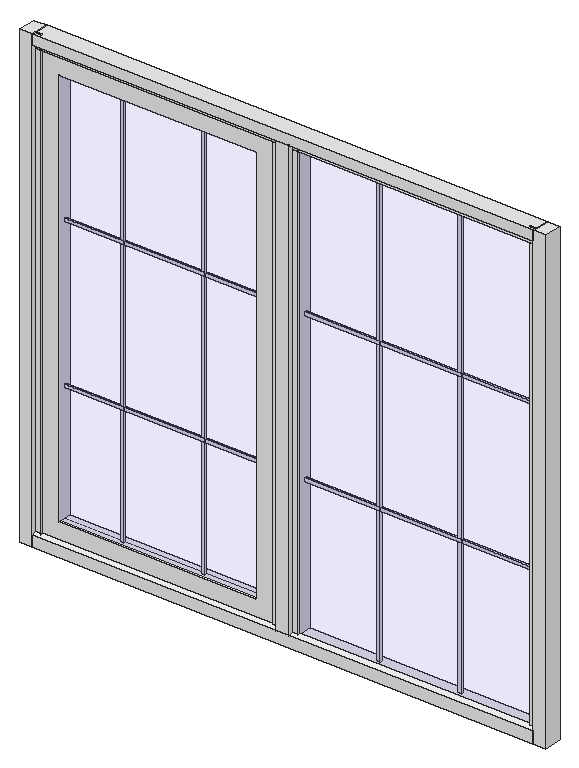
Revit family "Door_Curtain_Wall-Inswing_With_Sidelite-Traco-NX-8920-One_Panel", category Curtain Panels, Revit 2015
Parameters (values of type "NX-8920 - One_Panel-Sidelite")
  Water Resistance = 12.0000 psf
  Uniform Load Structural = 75.0000 psf
  Uniform Load Deflection = 50.0000 psf
  Sidelite Width [instance] = 1' - 8 7/8"
  Product data url = "https://bimobject.com/kawneerna/product/89202"
  Product Page URL = "http://www.alcoa.com/traco/en/product.asp?cat_id=1912&prod_id=4260"
  Product Documentation Link = "http://www.alcoa.com/traco/en/cad_spec.asp?cat_id=1912&prod_id=4260&area=prod"
  Panel Width [instance] = (Door Width / 2) - 0' 3 1/2"  # 3' - 8 1/2"
  Panel Material [instance] = Aluminum - Traco - Anodized - Gray
  Panel Height [instance] = Door Height - 0' 2 1/2"  # 6' - 9 1/2"
  Muntin Type = Muntin-Grid-Traco-Lites : Interior
  Has Muntins [instance] = yes
  Glass Material [instance] = Glass - Traco - Clear
  Frame Material [instance] = Aluminum - Traco - Anodized - Gray
  Door Width [instance] = if(CTRL Opening Width < Door Width Minimum, Door Width Minimum, if(CTRL Opening Width > Door Width Maximum, Door Width Maximum, CTRL Opening Width))  # 8' - 0"
  Door Height [instance] = if(CTRL Opening Height < Door Height Minimum, Door Height Minimum, if(CTRL Opening Height > Door Height Maximum, Door Height Maximum, CTRL Opening Height))  # 7' - 0"
  Door Base = 0' - 1 1/8"
  Copyright © = "2011 Traco"  # constant formula
  CTRL Symbolic Arrow Placement Height [instance] = (Panel Height / 2) + 0' 1 1/2"  # 3' - 6 1/4"
  CTRL Symbolic Arrow Inset [instance] = (Panel Width / 2) - 0' 5 3/8"  # 1' - 4 7/8"
  CTRL Opening Width [instance] = 8' - 0"
  URL = "http://www.alcoa.com/traco/en/home.asp"
  U Factor = "0.40"
  Type Comments = "1 Panel With Sidelite"
  Test Size = "48\" X 96\""
  Model = "NX-8920"
  Manufacturer = "Traco"  # constant formula
  CTRL Opening Height [instance] = 7' - 0"
  Forced Entry Resistance = ""
  Door Width Minimum [instance] = 4' - 0"
  Door Width Maximum [instance] = 8' - 0"
  Door Swing Angle [instance] = 90.00°
  Door Height Minimum [instance] = 6' - 0"
  Door Height Maximum [instance] = 10' - 0"
  Designation = "AAMA/WDMA/CSA 101/I.S.2/A-440-05: HS-C50 And AAMA/WDMA/CSA 101/I.S.2/A-440-08:AW-PG50-ATD"
  Description = "One Door"
  Condensation Resistance = "48"
  Assembly Code = "B2020220"
  Allowable Air Infiltration Maximum = "0.1 @ 6.2 PSF"
Reference planes (in)
  plane 1 "Front": y = 0
  plane 2 "Bottom": z = 0
  plane 3 "Center (Left/Right)": x = 0
  plane 4 "Left": x = -48
  plane 5 "Right": x = 48
  plane 6 "Top": z = 84
  plane 7 "Door Base": z = 1.125
  plane 8 "Left Muntin Center F_B": y = 2
  plane 9 "Right Muntin Center F_B": y = 2
  plane 10 "Back": y = 3.25
  plane 11 "Center F_B": y = 1.625
  plane 12: y = 0.75
  plane 13 "Left Jamb": x = -45.75
  plane 14 "Right Jamb": x = 45.75
  plane 15 "Muntin Center F_B": y = 2
  plane 16 "Middle Rail Left": x = -1.1875
  plane 17 "Middle Rail Right": x = 1.1875
Text (in)
  text "Exterior" at (-74.50468, -27.54801, 0), in view "Ref. Level"
  text "Exterior" at (480, 41.53993, 89.60405), in view "Right"
  text "Exterior" at (-240, 57.82419, 105.78864), in view "Left"
Dimensions and locks (in)
  equal spacing: plane 4 "Left", plane 3 "Center (Left/Right)", plane 5 "Right"
  "Door Base": plane 2 "Bottom" to plane 7 "Door Base"
  "CTRL Opening Height": plane 6 "Top" to plane 2 "Bottom"
  "CTRL Opening Width": plane 4 "Left" to plane 5 "Right"
  equal spacing: plane 1 "Front", plane 11 "Center F_B", plane 10 "Back"
  locked: plane 12 to plane 1 "Front" at 0.75
  locked: plane 1 "Front" to plane 10 "Back" at 3.25
  locked: plane 4 "Left" to plane 13 "Left Jamb" at 2.25
  locked: plane 14 "Right Jamb" to plane 5 "Right" at 2.25
  equal spacing: plane 10 "Back", plane 15 "Muntin Center F_B", plane 12
  locked: plane 15 "Muntin Center F_B" to plane 9 "Right Muntin Center F_B" at 0
  locked: plane 15 "Muntin Center F_B" to plane 8 "Left Muntin Center F_B" at 0
  locked: plane 16 "Middle Rail Left" to plane 3 "Center (Left/Right)" at 1.1875
  locked: plane 3 "Center (Left/Right)" to plane 17 "Middle Rail Right" at 1.1875
  aligned and locked: level to plane 2 "Bottom"
  aligned: nested 1 to nested 2
  aligned and locked: nested 1 to plane 7 "Door Base"  (x2)
  aligned: nested 4 to plane 7 "Door Base"
  aligned and locked: plane 7 "Door Base" to nested 1
  aligned: nested 7 to plane 7 "Door Base"
  aligned: nested 5 to plane 7 "Door Base"
  aligned and locked: plane 12 to nested 1
  aligned and locked: nested 3 to plane 12
  aligned: nested 3 to plane 14 "Right Jamb"
  aligned: plane 7 "Door Base" to nested 9
  aligned and locked: nested 1 to plane 16 "Middle Rail Left"
  aligned and locked: plane 7 "Door Base" to nested 3
  aligned and locked: nested 3 to plane 17 "Middle Rail Right"
  aligned and locked: plane 2 "Bottom" to nested 9
  aligned and locked: nested 9 to plane 17 "Middle Rail Right"
  aligned and locked: nested 4 to plane 2 "Bottom"
  aligned and locked: nested 4 to plane 16 "Middle Rail Left"
  aligned and locked: plane 3 "Center (Left/Right)" to nested 2
Nested families (in)
  nested 1: "Door-Glass_Panel-Traco-(TR-8920)" at (-9.6875, 3.25, 1.125) x (-1, 0, 0) z (0, 0, 1), Width <- "Panel Width", Height <- "Panel Height", Panel Material <- "Panel Material", Glass Material <- "Glass Material", Angle <- "Door Swing Angle", type "S", detail levels fine
    with built-in parameter 1001301 3' - 8 1/2", built-in parameter 1001302 0' - 2 1/2", Panel Offset 0' - 4 1/4", Panel Material Aluminum - Traco - Anodized - Gray, Panel Finish none, built-in parameter 1001300 6' - 9 1/2", Glazing "Low E-Argon", Glass Material Glass - Traco - Clear, Elevation Swing yes, Angle 90.00°
  nested 2: "Door_Frame-Inswing-Traco-(NX-8920)-Single_Panel_With_Sidelite" at (-24, 1.625, 0), type "Standard Sill"
  nested 3: "Door-Glass_Panel-Traco-(TR-8920)-Sidelite" at (23.4375, 3.25, 1.125), Width <- "Panel Width", Height <- "Panel Height", Panel Material <- "Panel Material", Glass Material <- "Glass Material", type "T", detail levels fine
    with built-in parameter 1001301 3' - 8 1/2", built-in parameter 1001302 0' - 2 1/2", Panel Offset 0' - 4 1/4", Panel Material Aluminum - Traco - Anodized - Gray, Panel Finish none, built-in parameter 1001300 6' - 9 1/2", Glazing "Low E-Argon", Glass Material Glass - Traco - Clear
  nested 4: "Muntin-Grid-Traco-Lites" at (-23.4375, 2, 40.75) x (1, 0, 0) z (0, -1, 0), Sash Height <- "Panel Height", Length <- "Panel Width", type <- "Muntin Type", type "Interior"
    with Sash Height 6' - 9 1/2", Material Aluminum - Traco - Anodized - Gray, Length 3' - 8 1/2", Glazing Thickness 0' - 0 7/8", CTRL Muntin Vertical Distance 2' - 3.16667", CTRL Muntin Horizontal Distance 1' - 2.83333", CTRL Face Offset 0' - 0 1/4", CTRL Bar Vertical Visibility no, CTRL Bar Horizontal Visibility no, CTRL Array Vertical Visibility yes, CTRL Array Horizontal Visibility yes, Has Interior Muntins yes, Has Exterior Muntins no
  nested 5: "Muntin-Trapezoid-Traco-Single" at (-16.02083, 2.1875, 40.75) x (0, 0, -1) z (0, -1, 0), type "Standard Colonial"
    with Material Aluminum - Traco - Anodized - Gray, Length 6' - 9 1/2", Width Top 0' - 0 9/16", Width Base 0' - 0 9/16", Height 0' - 0 5/16"
  nested 6: "Muntin-Trapezoid-Traco-Single" at (-23.4375, 2.1875, 54.33333) x (-1, 0, 0) z (0, -1, 0), type "Standard Colonial"
    with Material Aluminum - Traco - Anodized - Gray, Length 3' - 8 1/2", Width Top 0' - 0 9/16", Width Base 0' - 0 9/16", Height 0' - 0 5/16"
  nested 7: "Muntin-Trapezoid-Traco-Single" at (-30.85417, 2.1875, 40.75) x (0, 0, -1) z (0, -1, 0), type "Standard Colonial"
    with Material Aluminum - Traco - Anodized - Gray, Length 6' - 9 1/2", Width Top 0' - 0 9/16", Width Base 0' - 0 9/16", Height 0' - 0 5/16"
  nested 8: "Muntin-Trapezoid-Traco-Single" at (-23.4375, 2.1875, 27.16667) x (-1, 0, 0) z (0, -1, 0), type "Standard Colonial"
    with Material Aluminum - Traco - Anodized - Gray, Length 3' - 8 1/2", Width Top 0' - 0 9/16", Width Base 0' - 0 9/16", Height 0' - 0 5/16"
  nested 9: "Muntin-Grid-Traco-Lites" at (23.4375, 2, 40.75) x (-1, 0, 0) z (0, -1, 0), Sash Height <- "Panel Height", Length <- "Panel Width", type <- "Muntin Type", type "Interior"
    with Sash Height 6' - 9 1/2", Material Aluminum - Traco - Anodized - Gray, Length 3' - 8 1/2", Glazing Thickness 0' - 0 7/8", CTRL Muntin Vertical Distance 2' - 3.16667", CTRL Muntin Horizontal Distance 1' - 2.83333", CTRL Face Offset 0' - 0 1/4", CTRL Bar Vertical Visibility no, CTRL Bar Horizontal Visibility no, CTRL Array Vertical Visibility yes, CTRL Array Horizontal Visibility yes, Has Interior Muntins yes, Has Exterior Muntins no
  nested 10: "Muntin-Trapezoid-Traco-Single" at (16.02083, 2.1875, 40.75) x (0, 0, -1) z (0, -1, 0), type "Standard Colonial"
    with Material Aluminum - Traco - Anodized - Gray, Length 6' - 9 1/2", Width Top 0' - 0 9/16", Width Base 0' - 0 9/16", Height 0' - 0 5/16"
  nested 11: "Muntin-Trapezoid-Traco-Single" at (23.4375, 2.1875, 54.33333) x (1, 0, 0) z (0, -1, 0), type "Standard Colonial"
    with Material Aluminum - Traco - Anodized - Gray, Length 3' - 8 1/2", Width Top 0' - 0 9/16", Width Base 0' - 0 9/16", Height 0' - 0 5/16"
  nested 12: "Muntin-Trapezoid-Traco-Single" at (30.85417, 2.1875, 40.75) x (0, 0, -1) z (0, -1, 0), type "Standard Colonial"
    with Material Aluminum - Traco - Anodized - Gray, Length 6' - 9 1/2", Width Top 0' - 0 9/16", Width Base 0' - 0 9/16", Height 0' - 0 5/16"
  nested 13: "Muntin-Trapezoid-Traco-Single" at (23.4375, 2.1875, 27.16667) x (1, 0, 0) z (0, -1, 0), type "Standard Colonial"
    with Material Aluminum - Traco - Anodized - Gray, Length 3' - 8 1/2", Width Top 0' - 0 9/16", Width Base 0' - 0 9/16", Height 0' - 0 5/16"
Definition of nested family "Door-Glass_Panel-Traco-(TR-8920)"
  Parameters
    Width [instance] = 3' - 0"
    Visible Light Transmission = 0
    URL = "www.integratedcontentsolutions.com"
    U Value = 0
    Type Comments = "Panel theory and model developed by Integrated Content Solutions"  # constant formula
    Thickness [instance] = 0' - 2 3/4"
    Style Right = 0' - 4 1/8"
    Style Left = 0' - 4 1/8"
    Solar Heat Gain Coefficient = 0
    Rail Head = 0' - 4 1/8"
    Rail Bottom = 0' - 4 1/8"
    R Value = 0
    Product Documentation Link = "www.integratedcontentsolutions.com"
    Panel Offset [instance] = 0' - 4 1/4"
    Panel Material [instance] = none
    Panel Finish [instance] = none
    Manufacturer = "Integrated Content Solutions"  # constant formula
    LEED Credit = ""
    Hidden Swing Angle = 90.00°
    Height [instance] = 7' - 0"
    Glazing [instance] = "Low E-Argon"
    Glass Material [instance] = none
    Function = 1
    Energy Star Zone = ""
    Elevation Swing [instance] = yes
    Copyright © = "Integrated Content Solutions © 2009"  # constant formula
    Assembly Code = "C1020110"
    Appear In Schedule = 0 = 1  # no
    Angle [instance] = 90.00°
    Air Leakage = 0
  Reference planes (in)
    plane 1 "Exterior": y = 0
    plane 2 "Bottom": z = 0
    plane 3 "Strike": x = 0
    plane 4 "Interior": y = -2.75
    plane 5 "Hinge": x = 36
    plane 6 "Top": z = 84
    plane 7 "Panel Center of Thickness": y = -1.375
    plane 8 "Glass Interior": y = -2.125
    plane 9 "Glass Exterior": y = -1.125
    plane 10 "Left Inset": x = 4.125
    plane 11 "Right Inset": x = 31.875
    plane 12 "Top Inset": z = 79.875
    plane 13 "Bottom Inset": z = 4.125
    plane 14 "Center L_R": x = 18
  Forms (in)
    Extrusion 1, solid, material <- "Panel Material"
      sketch origin (0, 0, 0) x (1, 0, 0) y (0, 0, 1)
        loop
          line (0, 84) -> (0, 0) -> (36, 0) -> (36, 84) -> (0, 84)
        loop
          line (4.125, 79.875) -> (4.125, 4.125) -> (31.875, 4.125) -> (31.875, 79.875) -> (4.125, 79.875)
      from 0 to 2.75
    Extrusion 2, solid, material <- "Glass Material"
      sketch origin (0, -2.75, 0) x (1, 0, 0) y (0, 0, 1)
        loop
          line (4.125, 79.875) -> (4.125, 4.125) -> (31.875, 4.125) -> (31.875, 79.875) -> (4.125, 79.875)
      from -1.625 to -0.625
  Lines and regions (in)
    Masking region 1
      outline origin (0, 0, 84) x (-1, 0, 0) y (0, -1, 0)
        loop
          line (0, 2.75) -> (-36, 2.75) -> (-36, 0) -> (0, 0) -> (0, 2.75)
    Masking region 2
      outline origin (0, -1.375, 0) x (-1, 0, 0) y (0, 0, 1)
        loop
          line (0, 0) -> (0, 84) -> (-36, 84) -> (-36, 0) -> (0, 0)
        loop
          line (-4.125, 4.125) -> (-4.125, 79.875) -> (-31.875, 79.875) -> (-31.875, 4.125) -> (-4.125, 4.125)
    Masking region 3
      outline origin (18, 0, 0) x (0, 1, 0) y (0, 0, 1)
        loop
          line (-2.75, 0) -> (0, 0) -> (0, 84) -> (-2.75, 84) -> (-2.75, 0)
  Dimensions and locks (in)
    "Width": plane 3 "Strike" to plane 5 "Hinge"
    "Thickness": plane 4 "Interior" to plane 1 "Exterior"
    "Height": plane 6 "Top" to plane 2 "Bottom"
    equal spacing: plane 4 "Interior", plane 7 "Panel Center of Thickness", plane 1 "Exterior"
    locked: plane 9 "Glass Exterior" to plane 8 "Glass Interior" at 1
    "Style Left": plane 10 "Left Inset" to plane 3 "Strike"
    "Style Right": plane 5 "Hinge" to plane 11 "Right Inset"
    "Rail Bottom": plane 13 "Bottom Inset" to plane 2 "Bottom"
    "Rail Head": plane 6 "Top" to plane 12 "Top Inset"
    locked: plane 9 "Glass Exterior" to plane 1 "Exterior" at 1.125
    equal spacing: plane 3 "Strike", plane 14 "Center L_R", plane 5 "Hinge"
    aligned and locked: plane 3 "Strike" to Extrusion 1 sketch curve
    aligned and locked: Extrusion 1 sketch curve to plane 6 "Top"
    aligned and locked: level to Extrusion 1 sketch curve
    aligned and locked: Extrusion 1 sketch curve to plane 5 "Hinge"
    aligned and locked: Extrusion 1 to plane 1 "Exterior"
    aligned and locked: plane 4 "Interior" to Extrusion 1
    aligned and locked: plane 1 "Exterior" to nested 1
    aligned and locked: plane 5 "Hinge" to nested 1
    aligned and locked: level to plane 2 "Bottom"
    aligned and locked: plane 10 "Left Inset" to Extrusion 1 sketch curve
    aligned and locked: Extrusion 1 sketch curve to plane 12 "Top Inset"
    aligned and locked: plane 13 "Bottom Inset" to Extrusion 1 sketch curve
    aligned and locked: Extrusion 1 sketch curve to plane 11 "Right Inset"
    aligned and locked: plane 10 "Left Inset" to Extrusion 2 sketch curve
    aligned and locked: Extrusion 2 sketch curve to plane 12 "Top Inset"
    aligned and locked: plane 13 "Bottom Inset" to Extrusion 2 sketch curve
    aligned and locked: Extrusion 2 sketch curve to plane 11 "Right Inset"
    aligned and locked: plane 9 "Glass Exterior" to Extrusion 2
    aligned and locked: Extrusion 2 to plane 8 "Glass Interior"
    aligned and locked: Masking region 1 sketch curve to plane 1 "Exterior"
    aligned and locked: plane 5 "Hinge" to Masking region 1 sketch curve
    aligned and locked: plane 4 "Interior" to Masking region 1 sketch curve
    aligned and locked: Masking region 1 sketch curve to plane 3 "Strike"
    aligned and locked: plane 6 "Top" to Masking region 2 sketch curve
    aligned and locked: Masking region 2 sketch curve to plane 3 "Strike"
    aligned and locked: plane 5 "Hinge" to Masking region 2 sketch curve
    aligned and locked: Masking region 2 sketch curve to plane 2 "Bottom"
    aligned and locked: plane 12 "Top Inset" to Masking region 2 sketch curve
    aligned and locked: Masking region 2 sketch curve to plane 10 "Left Inset"
    aligned and locked: plane 11 "Right Inset" to Masking region 2 sketch curve
    aligned and locked: Masking region 2 sketch curve to plane 13 "Bottom Inset"
    aligned and locked: plane 6 "Top" to Masking region 3 sketch curve
    aligned and locked: plane 4 "Interior" to Masking region 3 sketch curve
    aligned and locked: Masking region 3 sketch curve to plane 1 "Exterior"
    aligned and locked: Masking region 3 sketch curve to plane 2 "Bottom"
  Nested families (in)
    nested 1: "Plan Swing" at (0, 0, 0), Width <- "Width", Thickness <- "Thickness", Height <- "Height", Angle <- "Angle", Elevation Swing Visibility <- "Elevation Swing", Hidden Swing Angle <- "Hidden Swing Angle", type "Plan Swing"
      with Width 3' - 0", Thickness 0' - 2 3/4", Slide Indicator Visbility no, Plan Swing Visibility yes, Hidden Swing Visibility no, Hidden Swing Angle 90.00°, Hidden Angle CTRL 90.00°, Height 7' - 0", Elevation Swing Visibility yes, Closed Panel Visaibilty no, Angle CTRL 90.00°, Angle 90.00°
  Definition of nested family "Plan Swing"
    Parameters
      Width [instance] = 3' - 0"
      URL = "www.integratedcontentsolutions.com"
      Type Comments = "Swing graphics developed by Integrated Content Solutions"  # constant formula
      Thickness [instance] = 0' - 2"
      Slide Indicator Visbility [instance] = no
      Plan Swing Visibility [instance] = Angle > 0.00°  # yes
      Manufacturer = "Integrated Content Solutions"  # constant formula
      Hidden Swing Visibility [instance] = yes
      Hidden Swing Angle [instance] = 90.00°
      Hidden Angle CTRL [instance] = if(Hidden Swing Angle < 5.00°, 5.00°, if(Hidden Swing Angle > 175.00°, 175.00°, Hidden Swing Angle))  # 90.00°
      Height [instance] = 7' - 0"
      Elevation Swing Visibility [instance] = yes
      Copyright © = "Integrated Content Solutions © 2009"  # constant formula
      Closed Panel Visaibilty [instance] = Angle = 0.00°  # no
      Assembly Code = ""
      Angle CTRL [instance] = if(Angle < 5.00°, 5.00°, if(Angle > 175.00°, 175.00°, Angle))  # 45.00°
      Angle [instance] = 45.00°
    Reference planes (in)
      plane 1 "Exterior": y = 0
      plane 2 "Bottom": z = 0
      plane 3 "Strike": x = 0
      plane 4 "Hinge": x = 36
      plane 5 "Top": z = 84
      plane 6 "Interior": y = -2
    Lines and regions (in)
      model lines
        curve 1: line (0, 0, 0) -> (0, -2, 0)
        curve 2: line (36, -2, 0) -> (36, 0, 0)
      symbolic lines, visible <- "Plan Swing Visibility"
        curve 3: line (36, 0, 0) -> (10.54416, 25.45584, 0)
        curve 4: line (10.54416, 25.45584, 0) -> (9.12994, 24.04163, 0)
        curve 5: line (9.12994, 24.04163, 0) -> (34.58579, -1.41421, 0)
        curve 6: line (34.58579, -1.41421, 0) -> (36, 0, 0)
        curve 13: arc (10.54416, 25.45584, 0) -> (2.74034, 13.7766, 0) -> (0, 0, 0) r 36
      symbolic lines, visible <- "Elevation Swing Visibility"
        curve 7: line (0, -2, 84) -> (36, -2, 42)
        curve 8: line (36, -2, 42) -> (0, -2, 0)
      symbolic lines, visible <- "Hidden Swing Visibility"
        curve 9: line (36, 0, 0) -> (36, 36, 0)
        curve 10: line (36, 36, 0) -> (34, 36, 0)
        curve 11: line (34, 36, 0) -> (34, 0, 0)
        curve 12: line (34, 0, 0) -> (36, 0, 0)
        curve 18: arc (0, 0, 0) -> (10.54416, 25.45584, 0) -> (36, 36, 0) r 36
      symbolic lines, visible <- "Closed Panel Visaibilty"
        curve 14: line (0, 0, 0) -> (36, 0, 0)
        curve 15: line (0, -2, 0) -> (0, 0, 0)
        curve 16: line (36, -2, 0) -> (0, -2, 0)
        curve 17: line (36, 0, 0) -> (36, -2, 0)
      symbolic lines, visible <- "Slide Indicator Visbility"
        curve 19: line (18, -2, 42.16893) -> (15.87868, -2, 44.29025)
        curve 20: line (18, -2, 42.16893) -> (15.87868, -2, 40.04761)
        curve 21: line (18, -2, 42.16893) -> (9, -2, 42.16893)
    Dimensions and locks (in)
      "Width": plane 3 "Strike" to plane 4 "Hinge"
      "Height": plane 5 "Top" to plane 2 "Bottom"
      equal spacing: plane 5 "Top", curve 8, plane 2 "Bottom"
      "Thickness": plane 6 "Interior" to plane 1 "Exterior"
      "Thickness": curve 3 to curve 5
      "Width": curve 6 to curve 4
      "Width": curve 9 to curve 9
      "Thickness": curve 9 to curve 11
      locked: curve 21 to curve 21 at 9
      equal spacing: plane 4 "Hinge", curve 21, plane 3 "Strike"
      locked: curve 3 to curve 6 (angle 90.00°)
      locked: curve 5 to curve 6 (angle 90.00°)
      locked: curve 4 to curve 3 (angle 90.00°)
      locked: curve 9 to curve 12 (angle 90.00°)
      locked: curve 11 to curve 12 (angle 90.00°)
      locked: curve 10 to curve 9 (angle 90.00°)
      "Hidden Angle CTRL": angle curve 9 to plane 1 "Exterior"
      "Angle CTRL": angle curve 3 to plane 1 "Exterior"
      aligned and locked: plane 2 "Bottom" to level
      aligned and locked: plane 1 "Exterior" to curve 2
      aligned and locked: plane 4 "Hinge" to curve 2
      aligned and locked: plane 6 "Interior" to curve 1
      aligned and locked: plane 6 "Interior" to curve 2
      aligned and locked: plane 4 "Hinge" to curve 9
      aligned and locked: curve 1 to plane 3 "Strike"
      aligned and locked: plane 3 "Strike" to curve 15
      aligned and locked: plane 1 "Exterior" to curve 14
    Automatic sketch dimensions
      curve 8 to level = 0' - 0"
      curve 8 to plane 3 "Strike" = 0' - 0"
      curve 7 to plane 3 "Strike" = 0' - 0"
      curve 7 to plane 4 "Hinge" = 0' - 0"
      curve 7 to plane 5 "Top" = 0' - 0"
      curve 19 to curve 20 = 0' - 0"
      curve 20 to curve 20 = 0' - 2.12132"
      curve 20 to curve 7 = 0' - 1.95239"
      curve 20 to curve 19 = 0' - 2.12132"
Definition of nested family "Door_Frame-Inswing-Traco-(NX-8920)-Single_Panel_With_Sidelite"
  Parameters
    Mullion Thickness = 0' - 2 3/8"
    Jamb Thickness = 0' - 2 1/4"
    Head Thickness = 0' - 1 3/4"
    Frame Material = none
    Frame Depth = 0' - 3 1/4"
    Door Width = 8' - 0"
    Door Height = 7' - 0"
    Assembly Code = ""
  Reference planes (in)
    plane 1 "Center (Front/Back)": y = 0
    plane 2 "Bottom": z = 0
    plane 3 "Center (Left/Right)": x = 24
    plane 4 "Interior": y = 1.625
    plane 5 "Exterior": y = -1.625
    plane 6 "Left": x = -24
    plane 7 "Top": z = 84
    plane 8 "Inside Frame Left Side": x = -21.75
    plane 9 "Inside Frame Right Side": x = 69.75
    plane 10 "Top Inset": z = 82.25
    plane 11 "Bottom Inset": z = 1.5
    plane 12 "Right": x = 72
    plane 13 "Mullion Left Side": x = 22.8125
    plane 14 "Mullion Right Side": x = 25.1875
    plane 15 "Stop Front": y = -1
    plane 16 "Stop Back": y = -0.875
    plane 17 "Left Stop Right": x = -20.625
    plane 18 "Middle Stop Left": x = 21.6875
    plane 19 "Right Stop Right": x = 26.3125
    plane 20 "Right Stop Left": x = 68.625
    plane 21 "Panel Bottom": z = 2.5
    plane 22 "Panel Top": z = 81.375
    plane 23: z = 2
  Forms (in)
    Extrusion 1, solid, material <- "Frame Material"
      sketch origin (24, 0, 0) x (0, 1, 0) y (0, 0, 1)
        loop
          line (-1.625, 0) -> (1.625, 0) -> (1.625, 1.5) -> (-0.875, 1.5) -> (-0.875, 2.5) -> (-1.625, 2) -> (-1.625, 0)
      from -45.75 to 45.75
    Extrusion 2, solid, material <- "Frame Material"
      sketch origin (24, 0, 0) x (0, 1, 0) y (0, 0, 1)
        loop
          line (1.625, 84) -> (-1.625, 84) -> (-1.625, 82.25) -> (-1, 82.25) -> (-1, 81.375) -> (-0.875, 81.375) -> (-0.875, 82.25) -> (1.625, 82.25) -> (1.625, 84)
      from -45.75 to 45.75
    Extrusion 3, solid, material <- "Frame Material"
      sketch origin (0, 0, 0) x (1, 0, 0) y (0, 1, 0)
        loop
          line (-24, 1.625) -> (-24, -1.625) -> (-21.75, -1.625) -> (-21.75, -1) -> (-20.625, -1) -> (-20.625, -0.875) -> (-21.75, -0.875) -> (-21.75, 1.625) -> (-24, 1.625)
        loop
          line (72, 1.625) -> (69.75, 1.625) -> (69.75, -0.875) -> (68.625, -0.875) -> (68.625, -1) -> (69.75, -1) -> (69.75, -1.625) -> (72, -1.625) -> (72, 1.625)
      from 0 to 84
    Extrusion 4, solid, material <- "Frame Material"
      sketch origin (0, 0, 0) x (1, 0, 0) y (0, 1, 0)
        loop
          line (22.8125, 1.625) -> (22.8125, -0.875) -> (21.6875, -0.875) -> (21.6875, -1) -> (22.8125, -1) -> (22.8125, -1.625) -> (25.1875, -1.625) -> (25.1875, -1) -> (26.3125, -1) -> (26.3125, -0.875) -> (25.1875, -0.875) -> (25.1875, 1.625) -> (22.8125, 1.625)
      from 2 to 82.25
  Lines and regions (in)
    Masking region 1
      outline origin (0, 0, 0) x (1, 0, 0) y (0, 1, 0)
        loop
          line (-24, -1.625) -> (72, -1.625) -> (72, 1.625) -> (-24, 1.625) -> (-24, -1.625)
    Masking region 2
      outline origin (0, 0, 0) x (1, 0, 0) y (0, 0, 1)
        loop
          line (-24, 0) -> (72, 0) -> (72, 84) -> (-24, 84) -> (-24, 0)
        loop
          line (-20.625, 2.5) -> (21.6875, 2.5) -> (21.6875, 81.375) -> (-20.625, 81.375) -> (-20.625, 2.5)
        loop
          line (26.3125, 81.375) -> (26.3125, 2.5) -> (68.625, 2.5) -> (68.625, 81.375) -> (26.3125, 81.375)
    Masking region 3
      outline origin (24, 0, 0) x (0, 1, 0) y (0, 0, 1)
        loop
          line (-1.625, 0) -> (1.625, 0) -> (1.625, 84) -> (-1.625, 84) -> (-1.625, 0)
    symbolic lines, detail levels medium+fine
      curve 1: line (-21.75, -1.625, 84) -> (-21.75, -1, 84)
      curve 2: line (-21.75, -1, 84) -> (-20.625, -1, 84)
      curve 3: line (-20.625, -1, 84) -> (-20.625, -0.875, 84)
      curve 4: line (-20.625, -0.875, 84) -> (-21.75, -0.875, 84)
      curve 5: line (-21.75, -0.875, 84) -> (-21.75, 1.625, 84)
      curve 6: line (22.8125, -1.625, 84) -> (22.8125, -1, 84)
      curve 7: line (22.8125, -1, 84) -> (21.6875, -1, 84)
      curve 8: line (21.6875, -1, 84) -> (21.6875, -0.875, 84)
      curve 9: line (21.6875, -0.875, 84) -> (22.8125, -0.875, 84)
      curve 10: line (22.8125, -0.875, 84) -> (22.8125, 1.625, 84)
      curve 11: line (25.1875, 1.625, 84) -> (25.1875, -0.875, 84)
      curve 12: line (25.1875, -0.875, 84) -> (26.3125, -0.875, 84)
      curve 13: line (26.3125, -0.875, 84) -> (26.3125, -1, 84)
      curve 14: line (26.3125, -1, 84) -> (25.1875, -1, 84)
      curve 15: line (25.1875, -1, 84) -> (25.1875, -1.625, 84)
      curve 16: line (69.75, -1.625, 84) -> (69.75, -1, 84)
      curve 17: line (69.75, -1, 84) -> (68.625, -1, 84)
      curve 18: line (68.625, -1, 84) -> (68.625, -0.875, 84)
      curve 19: line (68.625, -0.875, 84) -> (69.75, -0.875, 84)
      curve 20: line (69.75, -0.875, 84) -> (69.75, 1.625, 84)
      curve 21: line (69.75, 0, 84) -> (69.75, 0, 0)
      curve 22: line (-21.75, 0, 0) -> (-21.75, 0, 84)
      curve 23: line (-21.75, 0, 81.375) -> (-20.625, 0, 81.375)
      curve 24: line (-20.625, 0, 81.375) -> (-20.625, 0, 82.25)
      curve 25: line (-21.75, 0, 82.25) -> (69.75, 0, 82.25)
      curve 26: line (68.625, 0, 82.25) -> (68.625, 0, 81.375)
      curve 27: line (68.625, 0, 81.375) -> (69.75, 0, 81.375)
      curve 28: line (22.8125, 0, 81.375) -> (21.6875, 0, 81.375)
      curve 29: line (21.6875, 0, 81.375) -> (21.6875, 0, 82.25)
      curve 30: line (25.1875, 0, 81.375) -> (26.3125, 0, 81.375)
      curve 31: line (26.3125, 0, 81.375) -> (26.3125, 0, 82.25)
      curve 32: line (25.1875, 0, 82.25) -> (25.1875, 0, 0)
      curve 33: line (22.8125, 0, 0) -> (22.8125, 0, 82.25)
      curve 34: line (69.75, 0, 2) -> (-21.75, 0, 2)
      curve 35: line (68.625, 0, 2) -> (68.625, 0, 2.5)
      curve 36: line (68.625, 0, 2.5) -> (69.75, 0, 2.5)
      curve 37: line (26.3125, 0, 2) -> (26.3125, 0, 2.5)
      curve 38: line (26.3125, 0, 2.5) -> (25.1875, 0, 2.5)
      curve 39: line (22.8125, 0, 2.5) -> (21.6875, 0, 2.5)
      curve 40: line (21.6875, 0, 2.5) -> (21.6875, 0, 2)
      curve 41: line (-21.75, 0, 2.5) -> (-20.625, 0, 2.5)
      curve 42: line (-20.625, 0, 2.5) -> (-20.625, 0, 2)
  Dimensions and locks (in)
    equal spacing: plane 4 "Interior", plane 1 "Center (Front/Back)", plane 5 "Exterior"
    "Frame Depth": plane 4 "Interior" to plane 5 "Exterior"
    "Head Thickness": plane 7 "Top" to plane 10 "Top Inset"
    "Jamb Thickness": plane 6 "Left" to plane 8 "Inside Frame Left Side"
    "Door Height": plane 7 "Top" to plane 2 "Bottom"
    plane 11 "Bottom Inset" to plane 2 "Bottom" = 0' - 1 1/2"
    equal spacing: plane 6 "Left", plane 3 "Center (Left/Right)", plane 12 "Right"
    "Door Width": plane 12 "Right" to plane 6 "Left"
    "Jamb Thickness": plane 12 "Right" to plane 9 "Inside Frame Right Side"
    equal spacing: plane 13 "Mullion Left Side", plane 3 "Center (Left/Right)", plane 14 "Mullion Right Side"
    "Mullion Thickness": plane 13 "Mullion Left Side" to plane 14 "Mullion Right Side"
    locked: plane 8 "Inside Frame Left Side" to plane 17 "Left Stop Right" at 1.125
    locked: plane 20 "Right Stop Left" to plane 9 "Inside Frame Right Side" at 1.125
    locked: plane 18 "Middle Stop Left" to plane 13 "Mullion Left Side" at 1.125
    locked: plane 14 "Mullion Right Side" to plane 19 "Right Stop Right" at 1.125
    locked: plane 15 "Stop Front" to plane 1 "Center (Front/Back)" at 1
    locked: plane 16 "Stop Back" to plane 1 "Center (Front/Back)" at 0.875
    locked: plane 21 "Panel Bottom" to plane 11 "Bottom Inset" at 1
    locked: plane 10 "Top Inset" to plane 22 "Panel Top" at 0.875
    locked: plane 23 to plane 11 "Bottom Inset" at 0.5
    aligned and locked: level to plane 2 "Bottom"
    aligned and locked: plane 11 "Bottom Inset" to Extrusion 1 sketch curve
    aligned and locked: plane 4 "Interior" to Extrusion 1 sketch curve
    aligned and locked: plane 8 "Inside Frame Left Side" to Extrusion 1
    aligned and locked: Extrusion 1 to plane 9 "Inside Frame Right Side"
    aligned and locked: Extrusion 2 sketch curve to plane 10 "Top Inset"
    aligned and locked: plane 5 "Exterior" to Extrusion 2 sketch curve
    aligned and locked: plane 8 "Inside Frame Left Side" to Extrusion 2
    aligned and locked: Extrusion 2 to plane 9 "Inside Frame Right Side"
    aligned and locked: Extrusion 3 sketch curve to plane 4 "Interior"
    aligned and locked: Extrusion 3 sketch curve to plane 6 "Left"
    aligned and locked: Extrusion 3 sketch curve to Extrusion 1  (x2)
    aligned and locked: plane 7 "Top" to Extrusion 3
    aligned and locked: Extrusion 4 sketch curve to Extrusion 1  (x2)
    aligned and locked: Extrusion 4 sketch curve to plane 13 "Mullion Left Side"
    aligned and locked: plane 14 "Mullion Right Side" to Extrusion 4 sketch curve
    aligned and locked: plane 10 "Top Inset" to Extrusion 4
    aligned and locked: Extrusion 4 to Extrusion 1
    aligned and locked: plane 6 "Left" to Masking region 1 sketch curve
    aligned and locked: plane 4 "Interior" to Masking region 1 sketch curve
    aligned and locked: plane 5 "Exterior" to Masking region 1 sketch curve
    aligned and locked: plane 12 "Right" to Masking region 1 sketch curve
    aligned and locked: curve 5 to plane 8 "Inside Frame Left Side"
    aligned and locked: curve 4 to plane 16 "Stop Back"
    aligned and locked: curve 3 to plane 17 "Left Stop Right"
    aligned and locked: plane 15 "Stop Front" to curve 2
    aligned and locked: curve 1 to plane 8 "Inside Frame Left Side"
    aligned and locked: curve 16 to plane 9 "Inside Frame Right Side"
    aligned and locked: curve 17 to plane 15 "Stop Front"
    aligned and locked: curve 18 to plane 20 "Right Stop Left"
    aligned and locked: plane 16 "Stop Back" to curve 19
    aligned and locked: curve 20 to plane 9 "Inside Frame Right Side"
    aligned and locked: plane 7 "Top" to Masking region 2 sketch curve
    aligned and locked: plane 12 "Right" to Masking region 2 sketch curve
    aligned and locked: plane 6 "Left" to Masking region 2 sketch curve
    aligned and locked: Masking region 2 sketch curve to plane 2 "Bottom"
    aligned and locked: plane 22 "Panel Top" to Masking region 2 sketch curve
    aligned and locked: plane 17 "Left Stop Right" to Masking region 2 sketch curve
    aligned and locked: Masking region 2 sketch curve to plane 18 "Middle Stop Left"
    aligned and locked: Masking region 2 sketch curve to plane 19 "Right Stop Right"
    aligned and locked: Masking region 2 sketch curve to plane 22 "Panel Top"
    aligned and locked: Masking region 2 sketch curve to plane 21 "Panel Bottom"
    aligned and locked: plane 21 "Panel Bottom" to Masking region 2 sketch curve
    aligned and locked: plane 20 "Right Stop Left" to Masking region 2 sketch curve
    aligned and locked: curve 22 to plane 8 "Inside Frame Left Side"
    aligned and locked: curve 25 to plane 10 "Top Inset"
    aligned and locked: curve 23 to plane 22 "Panel Top"
    aligned and locked: curve 24 to plane 17 "Left Stop Right"
    aligned and locked: curve 29 to plane 18 "Middle Stop Left"
    aligned and locked: curve 33 to plane 13 "Mullion Left Side"
    aligned and locked: plane 22 "Panel Top" to curve 28
    aligned and locked: curve 30 to plane 22 "Panel Top"
    aligned and locked: curve 31 to plane 19 "Right Stop Right"
    aligned and locked: plane 14 "Mullion Right Side" to curve 32
    aligned and locked: plane 20 "Right Stop Left" to curve 26
    aligned and locked: curve 27 to plane 22 "Panel Top"
    aligned and locked: curve 36 to plane 21 "Panel Bottom"
    aligned and locked: curve 35 to plane 20 "Right Stop Left"
    aligned and locked: plane 23 to curve 34
    aligned and locked: curve 37 to plane 19 "Right Stop Right"
    aligned and locked: plane 21 "Panel Bottom" to curve 38
    aligned and locked: plane 21 "Panel Bottom" to curve 39
    aligned and locked: plane 18 "Middle Stop Left" to curve 40
    aligned and locked: curve 41 to plane 21 "Panel Bottom"
    aligned and locked: plane 17 "Left Stop Right" to curve 42
    aligned and locked: plane 9 "Inside Frame Right Side" to curve 21
    aligned and locked: plane 7 "Top" to Masking region 3 sketch curve
    aligned and locked: plane 4 "Interior" to Masking region 3 sketch curve
    aligned and locked: plane 5 "Exterior" to Masking region 3 sketch curve
    aligned and locked: Masking region 3 sketch curve to plane 2 "Bottom"
  Automatic sketch dimensions
    Extrusion 2 sketch curve to plane 7 "Top" = 0' - 2 5/8"
    Extrusion 2 sketch curve to plane 5 "Exterior" = 0' - 0 5/8"
    Extrusion 2 sketch curve to plane 10 "Top Inset" = 0' - 0"
    Extrusion 2 sketch curve to Extrusion 2 sketch curve = 0' - 0 1/8"
    Extrusion 2 sketch curve to plane 4 "Interior" = 0' - 0"
    Extrusion 2 sketch curve to plane 7 "Top" = 0' - 0"
    Extrusion 1 sketch curve to level = 0' - 0"
    Extrusion 1 sketch curve to plane 5 "Exterior" = 0' - 0 3/4"
    Extrusion 1 sketch curve to plane 5 "Exterior" = 0' - 0"
    Extrusion 1 sketch curve to Extrusion 1 sketch curve = 0' - 0 1/2"
    plane 11 "Bottom Inset" to Extrusion 1 sketch curve = 0' - 0 1/2"
    Extrusion 3 sketch curve to plane 8 "Inside Frame Left Side" = 0' - 0"
    Extrusion 3 sketch curve to plane 9 "Inside Frame Right Side" = 0' - 0"  (x2)
    plane 4 "Interior" to Extrusion 3 sketch curve = 0' - 0"
    Extrusion 3 sketch curve to plane 12 "Right" = 0' - 0"
    plane 5 "Exterior" to Extrusion 3 sketch curve = 0' - 0"
    Extrusion 3 sketch curve to plane 8 "Inside Frame Left Side" = 0' - 1 1/8"
    Extrusion 3 sketch curve to Extrusion 3 sketch curve = 0' - 1 1/8"
    Extrusion 3 sketch curve to plane 5 "Exterior" = 0' - 0 5/8"
    Extrusion 3 sketch curve to Extrusion 3 sketch curve = 0' - 0 5/8"
    Extrusion 3 sketch curve to Extrusion 3 sketch curve = 0' - 0 1/8"  (x2)
    plane 13 "Mullion Left Side" to Extrusion 4 sketch curve = 0' - 1 1/8"
    Extrusion 4 sketch curve to plane 14 "Mullion Right Side" = 0' - 1 1/8"
    Extrusion 4 sketch curve to Extrusion 4 sketch curve = 0' - 0 1/8"  (x2)
    Extrusion 4 sketch curve to Extrusion 4 sketch curve = 0' - 0 5/8"
    Extrusion 4 sketch curve to plane 13 "Mullion Left Side" = 0' - 0"
    Extrusion 4 sketch curve to plane 5 "Exterior" = 0' - 0 5/8"
    Extrusion 4 sketch curve to plane 14 "Mullion Right Side" = 0' - 0"
    curve 5 to plane 4 "Interior" = 0' - 0"
    plane 5 "Exterior" to curve 1 = 0' - 0"
    plane 16 "Stop Back" to curve 12 = 0' - 0"
    plane 15 "Stop Front" to curve 13 = 0' - 0"
    curve 13 to plane 19 "Right Stop Right" = 0' - 0"
    plane 5 "Exterior" to curve 15 = 0' - 0"
    curve 15 to plane 14 "Mullion Right Side" = 0' - 0"
    curve 12 to plane 14 "Mullion Right Side" = 0' - 0"
    plane 5 "Exterior" to curve 6 = 0' - 0"
    curve 6 to plane 13 "Mullion Left Side" = 0' - 0"
    curve 10 to plane 13 "Mullion Left Side" = 0' - 0"
    curve 8 to plane 18 "Middle Stop Left" = 0' - 0"
    plane 15 "Stop Front" to curve 7 = 0' - 0"
    curve 10 to plane 4 "Interior" = 0' - 0"
    curve 11 to plane 4 "Interior" = 0' - 0"
    plane 16 "Stop Back" to curve 8 = 0' - 0"
    curve 20 to plane 4 "Interior" = 0' - 0"
    plane 5 "Exterior" to curve 16 = 0' - 0"
    curve 32 to level = 0' - 0"
    curve 33 to level = 0' - 0"
    curve 21 to plane 7 "Top" = 0' - 0"
    curve 22 to level = 0' - 0"
    curve 22 to plane 7 "Top" = 0' - 0"
    curve 21 to level = 0' - 0"
Definition of nested family "Door-Glass_Panel-Traco-(TR-8920)-Sidelite"
  Parameters
    Width [instance] = 6' - 0"
    Visible Light Transmission = 0
    URL = "www.integratedcontentsolutions.com"
    U Value = 0
    Type Comments = "Panel theory and model developed by Integrated Content Solutions"  # constant formula
    Thickness [instance] = 0' - 2 1/2"
    Solar Heat Gain Coefficient = 0
    R Value = 0
    Product Documentation Link = "www.integratedcontentsolutions.com"
    Panel Offset [instance] = 0' - 4 1/4"
    Panel Material [instance] = none
    Panel Finish [instance] = none
    Manufacturer = "Integrated Content Solutions"  # constant formula
    LEED Credit = ""
    Height [instance] = 2' - 0"
    Glazing [instance] = "Low E-Argon"
    Glass Material [instance] = none
    Function = 1
    Energy Star Zone = ""
    Copyright © = "Integrated Content Solutions © 2009"  # constant formula
    Assembly Code = "C1020110"
    Appear In Schedule = 0 = 1  # no
    Air Leakage = 0
  Reference planes (in)
    plane 1 "Exterior": y = 0
    plane 2 "Bottom": z = 0
    plane 3 "Left Side": x = -36
    plane 4 "Interior": y = -2.5
    plane 5 "Right Side": x = 36
    plane 6 "Top": z = 24
    plane 7 "Panel Center of Thickness": y = -1.875
    plane 8 "Glass Interior": y = -2.375
    plane 9 "Glass Exterior": y = -1.375
    plane 10 "Center L_R": x = 0
    plane 11 "Left Inset": x = -34.875
    plane 12 "Right Inset": x = 34.875
    plane 13 "Top Inset": z = 22.875
    plane 14 "Bottom Inset": z = 1.125
  Forms (in)
    Extrusion 1, solid, material <- "Panel Material"
      sketch origin (0, 0, 0) x (1, 0, 0) y (0, 0, 1)
        loop
          line (-36, 24) -> (-36, 0) -> (36, 0) -> (36, 24) -> (-36, 24)
        loop
          line (-34.875, 22.875) -> (-34.875, 1.125) -> (34.875, 1.125) -> (34.875, 22.875) -> (-34.875, 22.875)
      from 0 to 2.5
    Extrusion 2, solid, material <- "Glass Material"
      sketch origin (0, -2.5, 0) x (1, 0, 0) y (0, 0, 1)
        loop
          line (-35.625, 23.625) -> (-35.625, 0.375) -> (35.625, 0.375) -> (35.625, 23.625) -> (-35.625, 23.625)
      from -1.125 to -0.125
  Lines and regions (in)
    Masking region 1
      outline origin (0, 0, 24) x (-1, 0, 0) y (0, -1, 0)
        loop
          line (36, 2.5) -> (-36, 2.5) -> (-36, 0) -> (36, 0) -> (36, 2.5)
    Masking region 2
      outline origin (0, 0, 0) x (0, 0, 1) y (0, -1, 0)
        loop
          line (0, 2.5) -> (0, 0) -> (24, 0) -> (24, 2.5) -> (0, 2.5)
    Masking region 3
      outline origin (0, -1.875, 0) x (-1, 0, 0) y (0, 0, 1)
        loop
          line (36, 0) -> (36, 24) -> (-36, 24) -> (-36, 0) -> (36, 0)
        loop
          line (34.875, 1.125) -> (34.875, 22.875) -> (-34.875, 22.875) -> (-34.875, 1.125) -> (34.875, 1.125)
  Dimensions and locks (in)
    "Width": plane 3 "Left Side" to plane 5 "Right Side"
    "Thickness": plane 4 "Interior" to plane 1 "Exterior"
    "Height": plane 6 "Top" to plane 2 "Bottom"
    "Width": plane 3 "Left Side" to Extrusion 1
    equal spacing: plane 5 "Right Side", plane 10 "Center L_R", plane 3 "Left Side"
    locked: Extrusion 1 sketch curve to Extrusion 1 sketch curve at 1.125  (x4)
    equal spacing: plane 9 "Glass Exterior", plane 7 "Panel Center of Thickness", plane 8 "Glass Interior"
    locked: plane 9 "Glass Exterior" to plane 8 "Glass Interior" at 1
    locked: plane 6 "Top" to plane 13 "Top Inset" at 1.125
    locked: plane 14 "Bottom Inset" to plane 2 "Bottom" at 1.125
    locked: plane 11 "Left Inset" to plane 3 "Left Side" at 1.125
    locked: plane 5 "Right Side" to plane 12 "Right Inset" at 1.125
    aligned and locked: plane 3 "Left Side" to Extrusion 1 sketch curve
    aligned: Extrusion 1 to plane 1 "Exterior"
    aligned: plane 4 "Interior" to Extrusion 1
    aligned and locked: level to plane 2 "Bottom"
    aligned and locked: plane 9 "Glass Exterior" to Extrusion 2
    aligned and locked: Extrusion 2 to plane 8 "Glass Interior"
    aligned: plane 6 "Top" to Extrusion 2
    aligned and locked: plane 4 "Interior" to Extrusion 1
    aligned and locked: Extrusion 1 to plane 1 "Exterior"
    aligned and locked: Masking region 1 sketch curve to plane 3 "Left Side"
    aligned and locked: plane 4 "Interior" to Masking region 1 sketch curve
    aligned and locked: Masking region 1 sketch curve to plane 1 "Exterior"
    aligned and locked: plane 5 "Right Side" to Masking region 1 sketch curve
    aligned and locked: plane 6 "Top" to Masking region 2 sketch curve
    aligned and locked: Masking region 2 sketch curve to plane 1 "Exterior"
    aligned and locked: Masking region 2 sketch curve to plane 2 "Bottom"
    aligned and locked: plane 4 "Interior" to Masking region 2 sketch curve
    aligned and locked: plane 6 "Top" to Masking region 3 sketch curve
    aligned and locked: plane 5 "Right Side" to Masking region 3 sketch curve
    aligned and locked: Masking region 3 sketch curve to plane 2 "Bottom"
    aligned and locked: Masking region 3 sketch curve to plane 3 "Left Side"
    aligned and locked: plane 13 "Top Inset" to Masking region 3 sketch curve
    aligned and locked: plane 12 "Right Inset" to Masking region 3 sketch curve
    aligned and locked: Masking region 3 sketch curve to plane 14 "Bottom Inset"
    aligned and locked: Masking region 3 sketch curve to plane 11 "Left Inset"
  Automatic sketch dimensions
    Extrusion 1 sketch curve to plane 5 "Right Side" = 0' - 0"
    Extrusion 1 sketch curve to level = 0' - 0"
    Extrusion 1 sketch curve to plane 6 "Top" = 0' - 0"
    Extrusion 1 sketch curve to plane 3 "Left Side" = 0' - 0"
    plane 3 "Left Side" to Extrusion 2 sketch curve = 0' - 0 3/8"
    Extrusion 2 sketch curve to plane 5 "Right Side" = 0' - 0 3/8"
    level to Extrusion 2 sketch curve = 0' - 0 3/8"
    Extrusion 2 sketch curve to plane 6 "Top" = 0' - 0 3/8"
Definition of nested family "Muntin-Trapezoid-Traco-Single"
  Parameters
    Width Top = 0' - 0 7/16"
    Width Base = 0' - 1"
    URL = "http://www.alcoa.com/traco/en/home.asp"
    Product Page URL = "http://www.alcoa.com/traco/en/product.asp?prod_id=4228"
    Product Documentation Link = "http://www.alcoa.com/traco/en/cad_spec.asp?prod_id=4228&area=prod"
    Material [instance] = none
    Manufacturer = "Traco"  # constant formula
    Length [instance] = 1' - 0"
    Height = 0' - 0 5/8"
    Description = "Trapezoidal Profile"
    Copyright © = "2011 Traco"  # constant formula
  Reference planes (in)
    plane 1 "Center (Front/Back)": y = 0
    plane 2 "Original Bottom": z = 0
    plane 3 "Center (Left/Right)": x = 0
    plane 4 "Left": x = -6
    plane 5 "Right": x = 6
    plane 6 "Back": y = 0.5
    plane 7 "Front": y = -0.5
    plane 8 "Back Inset": y = 0.21875
    plane 9 "Front Inset": y = -0.21875
    plane 10 "Top": z = 0.625
    plane 11 "Bottom": z = 0
  Forms (in)
    Sweep 1, solid, material <- "Material", detail levels medium+fine
      path origin (0, 0, 0) x (0, -1, 0) y (1, 0, 0)
        loop
          line (0, 6) -> (0, -6)
      profile origin (0, 0, 0) x (0, -1, 0) y (0, 0, 1)
        loop
          line (0.5, 0) -> (0.21875, 0.625) -> (-0.21875, 0.625) -> (-0.5, 0) -> (0.5, 0)
  Lines and regions (in)
    Masking region 1, detail levels medium+fine
      outline origin (0, 0, 0) x (0, 1, 0) y (0, 0, 1)
        loop
          line (0.5, 0) -> (0.21875, 0.625) -> (-0.21875, 0.625) -> (-0.5, 0) -> (0.5, 0)
    Masking region 2, detail levels medium+fine
      outline origin (0, 0, 0) x (1, 0, 0) y (0, 1, 0)
        loop
          line (6, -0.5) -> (6, 0.5) -> (-6, 0.5) -> (-6, -0.5) -> (6, -0.5)
    Masking region 3, detail levels medium+fine
      outline origin (0, 0, 0) x (1, 0, 0) y (0, 0, 1)
        loop
          line (6, 0) -> (6, 0.625) -> (-6, 0.625) -> (-6, 0) -> (6, 0)
    symbolic lines, detail levels coarse
      curve 1: line (0, 0, 0) -> (0, 0, 0.625)
      curve 2: line (-6, 0, 0) -> (6, 0, 0)
      curve 3: line (-6, 0, 0) -> (-6, 0, 0.625)
      curve 4: line (-6, 0, 0.625) -> (6, 0, 0.625)
      curve 5: line (6, 0, 0.625) -> (6, 0, 0)
    model lines, detail levels coarse
      curve 6: line (-6, 0, 0) -> (6, 0, 0)
  Dimensions and locks (in)
    equal spacing: plane 4 "Left", plane 3 "Center (Left/Right)", plane 5 "Right"
    "Length": plane 4 "Left" to plane 5 "Right"
    equal spacing: plane 6 "Back", plane 1 "Center (Front/Back)", plane 7 "Front"
    "Width Base": plane 7 "Front" to plane 6 "Back"
    equal spacing: plane 8 "Back Inset", plane 1 "Center (Front/Back)", plane 9 "Front Inset"
    "Width Top": plane 9 "Front Inset" to plane 8 "Back Inset"
    locked: plane 11 "Bottom" to plane 2 "Original Bottom" at 0
    "Height": plane 10 "Top" to plane 11 "Bottom"
    aligned and locked: plane 2 "Original Bottom" to level
    aligned and locked: plane 4 "Left" to Sweep 1 sketch curve
    aligned and locked: Sweep 1 sketch curve to plane 1 "Center (Front/Back)"
    aligned and locked: plane 5 "Right" to Sweep 1 sketch curve
    aligned and locked: plane 7 "Front" to Sweep 1 sketch curve
    aligned and locked: plane 11 "Bottom" to Sweep 1 sketch curve  (x2)
    aligned and locked: plane 6 "Back" to Sweep 1 sketch curve
    aligned and locked: plane 10 "Top" to Sweep 1 sketch curve
    aligned and locked: plane 8 "Back Inset" to Sweep 1 sketch curve
    aligned and locked: plane 9 "Front Inset" to Sweep 1 sketch curve
    aligned and locked: Sweep 1 sketch curve to plane 10 "Top"
    aligned and locked: Masking region 1 sketch curve to plane 11 "Bottom"
    aligned and locked: plane 10 "Top" to Masking region 1 sketch curve
    aligned and locked: plane 8 "Back Inset" to Masking region 1 sketch curve
    aligned and locked: plane 9 "Front Inset" to Masking region 1 sketch curve
    aligned and locked: plane 7 "Front" to Masking region 1 sketch curve
    aligned and locked: plane 6 "Back" to Masking region 1 sketch curve
    aligned and locked: curve 1 to plane 1 "Center (Front/Back)"
    aligned and locked: plane 11 "Bottom" to curve 1
    aligned and locked: plane 10 "Top" to curve 1
    aligned and locked: plane 4 "Left" to curve 2
    aligned and locked: plane 5 "Right" to curve 2
    aligned and locked: plane 1 "Center (Front/Back)" to curve 2
    aligned and locked: Masking region 2 sketch curve to plane 4 "Left"
    aligned and locked: Masking region 2 sketch curve to plane 5 "Right"
    aligned and locked: Masking region 2 sketch curve to plane 6 "Back"
    aligned and locked: Masking region 2 sketch curve to plane 7 "Front"
    aligned and locked: Masking region 3 sketch curve to plane 4 "Left"
    aligned and locked: Masking region 3 sketch curve to plane 5 "Right"
    aligned and locked: plane 11 "Bottom" to Masking region 3 sketch curve
    aligned and locked: Masking region 3 sketch curve to plane 10 "Top"
    aligned and locked: plane 11 "Bottom" to curve 3
    aligned and locked: plane 11 "Bottom" to curve 5
    aligned and locked: curve 5 to plane 5 "Right"
    aligned and locked: curve 3 to plane 4 "Left"
    aligned and locked: curve 4 to plane 10 "Top"
    aligned and locked: plane 5 "Right" to curve 6
    aligned and locked: plane 4 "Left" to curve 6
    aligned and locked: plane 1 "Center (Front/Back)" to curve 6
Definition of nested family "Muntin-Grid-Traco-Lites"
  Parameters
    URL = "http://www.alcoa.com/traco/en/home.asp"
    Sash Height [instance] = 4' - 0"
    Muntin Vertical Count = if((Lite Vertical Count - 1) < 2, 2, (Lite Vertical Count - 1))  # 2
    Muntin Type = Muntin-Trapezoid-Traco-Single : H-081
    Muntin Horizontal Count = if((Lite Horizontal Count - 1) < 2, 2, (Lite Horizontal Count - 1))  # 2
    Material [instance] = none
    Manufacturer = "Traco"  # constant formula
    Lite Vertical Count = 3
    Lite Horizontal Count = 3
    Length [instance] = 4' - 0"
    Has True Muntins = no
    Has Interior Muntins = no
    Has Exterior Muntins = yes
    Glazing Thickness [instance] = 0' - 0 7/8"
    Default Elevation = 4' - 0"
    Copyright © = "2011 Traco"  # constant formula
    CTRL Muntin Vertical Distance [instance] = Sash Height / (Lite Vertical Count)  # 1' - 4"
    CTRL Muntin Horizontal Distance [instance] = Length / (Lite Horizontal Count)  # 1' - 4"
    CTRL Face Offset [instance] = if(Has Interior Muntins, 0' 0 1/4", if(Has Exterior Muntins, Glazing Thickness, Glazing Thickness / 2))  # 0' - 0 7/8"
    CTRL Bar Vertical Visibility [instance] = Lite Vertical Count = 2  # no
    CTRL Bar Horizontal Visibility [instance] = Lite Horizontal Count = 2  # no
    CTRL Array Vertical Visibility [instance] = Lite Vertical Count > 2  # yes
    CTRL Array Horizontal Visibility [instance] = Lite Horizontal Count > 2  # yes
    Assembly Code = "B2020110"
  Reference planes (in)
    plane 1 "Center (Front/Back)": y = 0
    plane 2 "Original  Bottom": z = 0
    plane 3 "Center (Left/Right)": x = 0
    plane 4 "Left": x = -24
    plane 5 "Right": x = 24
    plane 6 "Bottom": z = 0.4375
    plane 7 "Glass Top": z = 0.4375
    plane 8 "Glass Bottom": z = -0.4375
    plane 9 "Back": y = 24
    plane 10 "Front": y = -24
    plane 11 "Bar 1 Vertical": y = -8
    plane 12 "Bar Last Vertical": y = 8
    plane 13 "Bar Last Horizontal": x = 8
    plane 14 "Bar 1 Horizontal": x = -8
  Forms (in)
    Extrusion 1, solid
      sketch origin (0, 0, 0) x (1, 0, 0) y (0, 1, 0)
        loop
          line (-48, 48) -> (-48, -48) -> (48, -48) -> (48, 48) -> (-48, 48)
      from 0 to -12
  Dimensions and locks (in)
    equal spacing: plane 4 "Left", plane 3 "Center (Left/Right)", plane 5 "Right"
    "Length": plane 4 "Left" to plane 5 "Right"
    "Glazing Thickness": plane 7 "Glass Top" to plane 8 "Glass Bottom"
    equal spacing: plane 9 "Back", plane 1 "Center (Front/Back)", plane 10 "Front"
    "Sash Height": plane 10 "Front" to plane 9 "Back"
    "CTRL Muntin Vertical Distance": plane 10 "Front" to plane 11 "Bar 1 Vertical"
    "CTRL Muntin Vertical Distance": plane 12 "Bar Last Vertical" to plane 9 "Back"
    "CTRL Muntin Horizontal Distance": plane 4 "Left" to plane 14 "Bar 1 Horizontal"
    "CTRL Muntin Horizontal Distance": plane 13 "Bar Last Horizontal" to plane 5 "Right"
    equal spacing: plane 7 "Glass Top", plane 2 "Original  Bottom", plane 8 "Glass Bottom"
    group 1 to group 2 = 0' - 0"  (x2)
    group 1 to group 2 = 1' - 4"
    group 3 to group 4 = 1' - 4"
    group 3 to group 4 = 0' - 0"  (x2)
    "CTRL Face Offset": plane 6 "Bottom" to plane 8 "Glass Bottom"
    aligned and locked: plane 2 "Original  Bottom" to Extrusion 1
    aligned and locked: level to Extrusion 1
    aligned and locked: plane 6 "Bottom" to nested 1
    aligned and locked: plane 6 "Bottom" to nested 3
    aligned and locked: plane 6 "Bottom" to nested 2
    aligned and locked: plane 6 "Bottom" to nested 4
    aligned and locked: nested 3 to plane 11 "Bar 1 Vertical"
    aligned and locked: nested 4 to plane 14 "Bar 1 Horizontal"
    aligned and locked: nested 3 to plane 3 "Center (Left/Right)"
    aligned and locked: plane 1 "Center (Front/Back)" to nested 4
    aligned and locked: plane 3 "Center (Left/Right)" to nested 2
    aligned and locked: nested 2 to plane 1 "Center (Front/Back)"
    aligned and locked: plane 1 "Center (Front/Back)" to nested 1
    aligned and locked: plane 3 "Center (Left/Right)" to nested 1
    aligned and locked: nested 5 to plane 3 "Center (Left/Right)"
    aligned and locked: plane 1 "Center (Front/Back)" to nested 6
    aligned and locked: plane 6 "Bottom" to nested 6
    aligned and locked: nested 5 to plane 12 "Bar Last Vertical"
    aligned and locked: nested 6 to plane 13 "Bar Last Horizontal"
    aligned and locked: plane 6 "Bottom" to nested 5
  Automatic sketch dimensions
    Extrusion 1 sketch curve to Extrusion 1 sketch curve = 8' - 0"  (x2)
  Nested families (in)
    nested 1: "Muntin-Trapezoid-Traco-Single" at (0, 0, 0.4375), Length <- "Length", visible <- "CTRL Bar Vertical Visibility", type <- "Muntin Type", Material <- "Material", type "H-081"
      with Material none, Length 4' - 0"
    nested 2: "Muntin-Trapezoid-Traco-Single" at (0, 0, 0.4375) x (0, 1, 0) z (0, 0, 1), Length <- "Sash Height", visible <- "CTRL Bar Horizontal Visibility", type <- "Muntin Type", Material <- "Material", type "H-081"
      with Material none, Length 4' - 0"
    nested 3: "Muntin-Trapezoid-Traco-Single" at (0, -8, 0.4375) x (-1, 0, 0) z (0, 0, 1), Length <- "Length", visible <- "CTRL Array Horizontal Visibility", type <- "Muntin Type", Material <- "Material", type "H-081"
      with Material none, Length 4' - 0"
    nested 4: "Muntin-Trapezoid-Traco-Single" at (-8, 0, 0.4375) x (0, -1, 0) z (0, 0, 1), Length <- "Sash Height", visible <- "CTRL Array Horizontal Visibility", type <- "Muntin Type", Material <- "Material", type "H-081"
      with Material none, Length 4' - 0"
    nested 5: "Muntin-Trapezoid-Traco-Single" at (0, 8, 0.4375) x (-1, 0, 0) z (0, 0, 1), Length <- "Length", visible <- "CTRL Array Horizontal Visibility", type <- "Muntin Type", Material <- "Material", type "H-081"
      with Material none, Length 4' - 0"
    nested 6: "Muntin-Trapezoid-Traco-Single" at (8, 0, 0.4375) x (0, -1, 0) z (0, 0, 1), Length <- "Sash Height", visible <- "CTRL Array Horizontal Visibility", type <- "Muntin Type", Material <- "Material", type "H-081"
      with Material none, Length 4' - 0"
  Definition of nested family "Muntin-Trapezoid-Traco-Single"
    Parameters
      Width Top = 0' - 0 7/16"
      Width Base = 0' - 1"
      URL = "http://www.alcoa.com/traco/en/home.asp"
      Product Page URL = "http://www.alcoa.com/traco/en/product.asp?prod_id=4228"
      Product Documentation Link = "http://www.alcoa.com/traco/en/cad_spec.asp?prod_id=4228&area=prod"
      Material [instance] = none
      Manufacturer = "Traco"  # constant formula
      Length [instance] = 1' - 0"
      Height = 0' - 0 5/8"
      Description = "Trapezoidal Profile"
      Copyright © = "2011 Traco"  # constant formula
    Reference planes (in)
      plane 1 "Center (Front/Back)": y = 0
      plane 2 "Original Bottom": z = 0
      plane 3 "Center (Left/Right)": x = 0
      plane 4 "Left": x = -6
      plane 5 "Right": x = 6
      plane 6 "Back": y = 0.5
      plane 7 "Front": y = -0.5
      plane 8 "Back Inset": y = 0.21875
      plane 9 "Front Inset": y = -0.21875
      plane 10 "Top": z = 0.625
      plane 11 "Bottom": z = 0
    Forms (in)
      Sweep 1, solid, material <- "Material", detail levels medium+fine
        path origin (0, 0, 0) x (0, -1, 0) y (1, 0, 0)
          loop
            line (0, 6) -> (0, -6)
        profile origin (0, 0, 0) x (0, -1, 0) y (0, 0, 1)
          loop
            line (0.5, 0) -> (0.21875, 0.625) -> (-0.21875, 0.625) -> (-0.5, 0) -> (0.5, 0)
    Lines and regions (in)
      Masking region 1, detail levels medium+fine
        outline origin (0, 0, 0) x (0, 1, 0) y (0, 0, 1)
          loop
            line (0.5, 0) -> (0.21875, 0.625) -> (-0.21875, 0.625) -> (-0.5, 0) -> (0.5, 0)
      Masking region 2, detail levels medium+fine
        outline origin (0, 0, 0) x (1, 0, 0) y (0, 1, 0)
          loop
            line (6, -0.5) -> (6, 0.5) -> (-6, 0.5) -> (-6, -0.5) -> (6, -0.5)
      Masking region 3, detail levels medium+fine
        outline origin (0, 0, 0) x (1, 0, 0) y (0, 0, 1)
          loop
            line (6, 0) -> (6, 0.625) -> (-6, 0.625) -> (-6, 0) -> (6, 0)
      symbolic lines, detail levels coarse
        curve 1: line (0, 0, 0) -> (0, 0, 0.625)
        curve 2: line (-6, 0, 0) -> (6, 0, 0)
        curve 3: line (-6, 0, 0) -> (-6, 0, 0.625)
        curve 4: line (-6, 0, 0.625) -> (6, 0, 0.625)
        curve 5: line (6, 0, 0.625) -> (6, 0, 0)
      model lines, detail levels coarse
        curve 6: line (-6, 0, 0) -> (6, 0, 0)
    Dimensions and locks (in)
      equal spacing: plane 4 "Left", plane 3 "Center (Left/Right)", plane 5 "Right"
      "Length": plane 4 "Left" to plane 5 "Right"
      equal spacing: plane 6 "Back", plane 1 "Center (Front/Back)", plane 7 "Front"
      "Width Base": plane 7 "Front" to plane 6 "Back"
      equal spacing: plane 8 "Back Inset", plane 1 "Center (Front/Back)", plane 9 "Front Inset"
      "Width Top": plane 9 "Front Inset" to plane 8 "Back Inset"
      locked: plane 11 "Bottom" to plane 2 "Original Bottom" at 0
      "Height": plane 10 "Top" to plane 11 "Bottom"
      aligned and locked: plane 2 "Original Bottom" to level
      aligned and locked: plane 4 "Left" to Sweep 1 sketch curve
      aligned and locked: Sweep 1 sketch curve to plane 1 "Center (Front/Back)"
      aligned and locked: plane 5 "Right" to Sweep 1 sketch curve
      aligned and locked: plane 7 "Front" to Sweep 1 sketch curve
      aligned and locked: plane 11 "Bottom" to Sweep 1 sketch curve  (x2)
      aligned and locked: plane 6 "Back" to Sweep 1 sketch curve
      aligned and locked: plane 10 "Top" to Sweep 1 sketch curve
      aligned and locked: plane 8 "Back Inset" to Sweep 1 sketch curve
      aligned and locked: plane 9 "Front Inset" to Sweep 1 sketch curve
      aligned and locked: Sweep 1 sketch curve to plane 10 "Top"
      aligned and locked: Masking region 1 sketch curve to plane 11 "Bottom"
      aligned and locked: plane 10 "Top" to Masking region 1 sketch curve
      aligned and locked: plane 8 "Back Inset" to Masking region 1 sketch curve
      aligned and locked: plane 9 "Front Inset" to Masking region 1 sketch curve
      aligned and locked: plane 7 "Front" to Masking region 1 sketch curve
      aligned and locked: plane 6 "Back" to Masking region 1 sketch curve
      aligned and locked: curve 1 to plane 1 "Center (Front/Back)"
      aligned and locked: plane 11 "Bottom" to curve 1
      aligned and locked: plane 10 "Top" to curve 1
      aligned and locked: plane 4 "Left" to curve 2
      aligned and locked: plane 5 "Right" to curve 2
      aligned and locked: plane 1 "Center (Front/Back)" to curve 2
      aligned and locked: Masking region 2 sketch curve to plane 4 "Left"
      aligned and locked: Masking region 2 sketch curve to plane 5 "Right"
      aligned and locked: Masking region 2 sketch curve to plane 6 "Back"
      aligned and locked: Masking region 2 sketch curve to plane 7 "Front"
      aligned and locked: Masking region 3 sketch curve to plane 4 "Left"
      aligned and locked: Masking region 3 sketch curve to plane 5 "Right"
      aligned and locked: plane 11 "Bottom" to Masking region 3 sketch curve
      aligned and locked: Masking region 3 sketch curve to plane 10 "Top"
      aligned and locked: plane 11 "Bottom" to curve 3
      aligned and locked: plane 11 "Bottom" to curve 5
      aligned and locked: curve 5 to plane 5 "Right"
      aligned and locked: curve 3 to plane 4 "Left"
      aligned and locked: curve 4 to plane 10 "Top"
      aligned and locked: plane 5 "Right" to curve 6
      aligned and locked: plane 4 "Left" to curve 6
      aligned and locked: plane 1 "Center (Front/Back)" to curve 6
